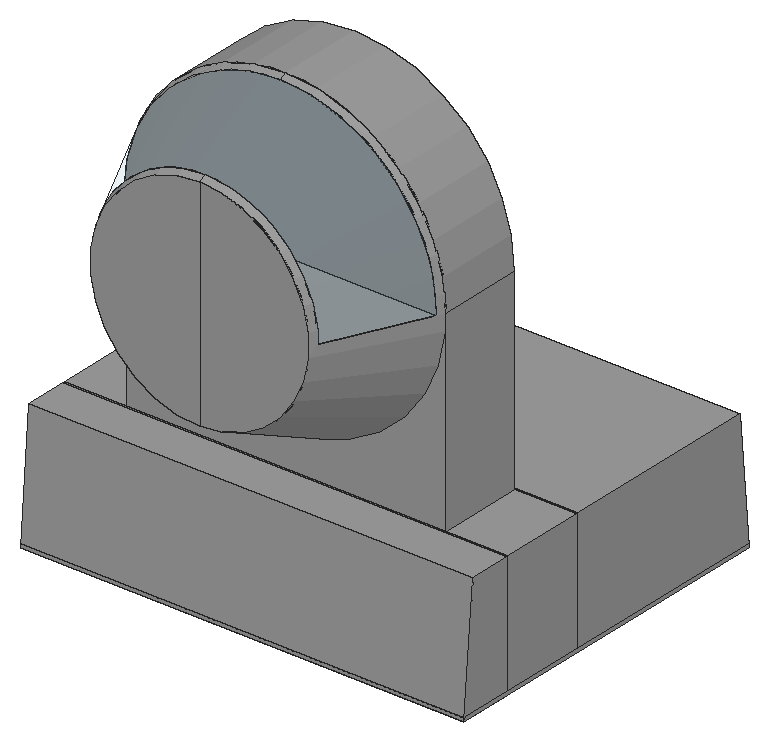
Revit family "2CKA006800A2520", category Electrical Fixtures, host Face, Revit 2014
Parameters
  Default Elevation = 1219.2 mm
Reference planes
  plane 1 "Center (Front/Back)": y = 0
  plane 2: z = 0
  plane 3 "Center (Left/Right)": x = 0
Forms (mm)
  Extrusion 1, solid, material "White", detail levels fine
    sketch origin (0, 0, 0) x (0, 1, 0) y (0, 0, 1)
      loop
        line (50, 0) -> (47.059, 35) -> (-10, 35) -> (-10, 0) -> (50, 0)
      loop
        line (-35, 35) -> (-47.059, 35) -> (-50, 0) -> (-35, 0) -> (-35, 35)
      loop
        line (-10.5, 0) -> (-10.5, 35) -> (-34.5, 35) -> (-34.5, 0) -> (-10.5, 0)
    from -62.5 to 62.5
  Extrusion 2, solid, material "White", detail levels medium
    sketch origin (0, 0, 0) x (0, 1, 0) y (0, 0, 1)
      loop
        line (50, 0) -> (47.059, 35) -> (-47.059, 35) -> (-50, 0) -> (50, 0)
    from -62.5 to 62.5
  Extrusion 3, solid, material "White", detail levels coarse
    sketch origin (0, 0, 0) x (1, 0, 0) y (0, 1, 0)
      loop
        line (-62.5, 50) -> (-62.5, -65) -> (62.5, -65) -> (62.5, 50) -> (-62.5, 50)
    from 0 to 135
  Extrusion 4, solid, material "White", detail levels fine
    sketch origin (0, 0, 0) x (1, 0, 0) y (0, 1, 0)
      loop
        line (-62.5, 50) -> (-62.5, -50) -> (62.5, -50) -> (62.5, 50) -> (-62.5, 50)
    from 0 to 1
  Extrusion 5, solid, material "White", detail levels fine
    sketch origin (0, 0, 0) x (1, 0, 0) y (0, 0, 1)
      loop
        arc (45, 90) -> (0, 135) -> (-45, 90) r 45
        line (-45, 90) -> (-45, 35) -> (45, 35) -> (45, 90)
    from 10.5 to 34.5
  Revolve 6, solid, material "White", detail levels fine
    sketch origin (0, 0, 0) x (0, 1, 0) y (0, 0, 1)
      loop
        line (-34.5, 135) -> (-65, 120.778) -> (-65, 90) -> (-34.5, 90) -> (-34.5, 135)
      axis (-65, 90) -> (-34.5, 90)
    angle from 0 to 360
  Extrusion 7, void
    sketch origin (0, 0, 0) x (0, 1, 0) y (0, 0, 1)
      loop
        line (-36.5, 90) -> (-36.5, 153.83) -> (-63, 153.83) -> (-63, 90) -> (-36.5, 90)
    from -50 to 50
  Revolve 8, solid, material "Glass", detail levels fine
    sketch origin (0, 0, 0) x (0, 1, 0) y (0, 0, 1)
      loop
        line (-36.5, 134.067) -> (-63, 121.71) -> (-63, 90) -> (-36.5, 90) -> (-36.5, 134.067)
      axis (-63, 90) -> (-36.5, 90)
    angle from 90 to -90
  Extrusion 9, solid, material "White", detail levels medium
    sketch origin (0, 0, 0) x (1, 0, 0) y (0, 0, 1)
      loop
        line (-45, 135) -> (-45, 35) -> (45, 35) -> (45, 135) -> (-45, 135)
    from 10.5 to 34.5
  Extrusion 10, solid, material "White", detail levels medium
    sketch origin (0, 0, 0) x (1, 0, 0) y (0, 0, 1)
      loop
        circle (0, 90) r 45
    from 34.5 to 65
Cuts and joins
  Extrusion 7 cuts Revolve 6
Lines and regions (mm)
  reference lines
    curve 1: line (0, 50, 0) -> (0, -65, 0)
Dimensions and locks
  aligned and locked: plane 2 to host face
  aligned and locked: level to host face
Connectors
  electrical at (0, -7.5, 0)
    settings: on Extrusion 3, index 1, voltage 230 V, apparent load 0 VA, apparent load phase1 0 VA, apparent load phase2 0 VA, apparent load phase3 0 VA, power factor 1, load classification "Other", number of poles 1, system type 31, power factor state 1, is connector primary yes, connector utility no, sub classification motor no, connector description ""
